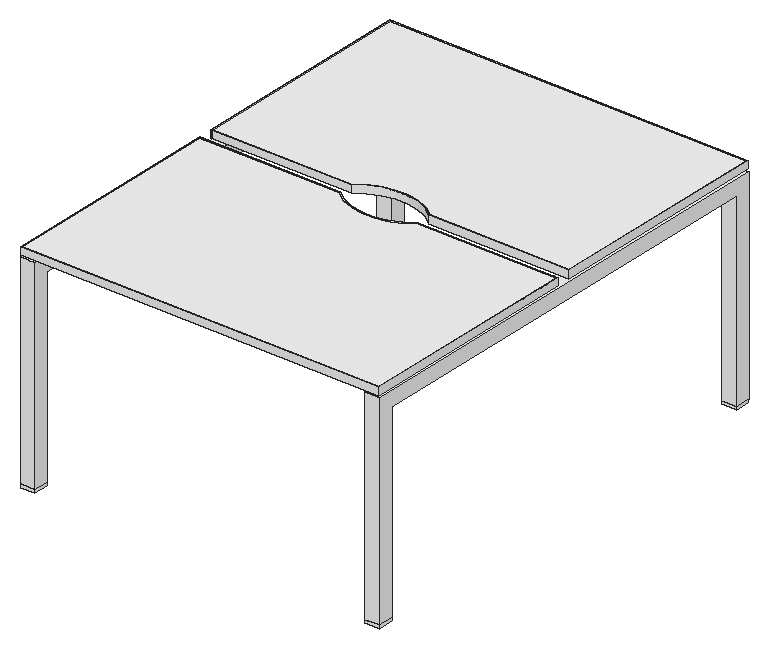
Revit family "NBS_Senator_OffcDsks_ChemistryStarterBench-US", category Furniture, Revit 2017
Family settings
  Work Plane-Based = No
  Always vertical = Yes
  Cut with Voids When Loaded = No
  Shared = No
  Room Calculation Point = No
Parameters
  WorksurfaceArea = 20.00 SF
  WorkTopWidth30Inch = 30"  # constant formula
  WorkTopWidth24Inch = 24"  # constant formula
  WarrantyStartDate [instance] = "1900-12-31T23:59:59"
  WarrantyGuarantorParts = "sales@thesenatorgroup.com"
  WarrantyGuarantorLabor = "n/a"
  WarrantyDurationUnit = "year"
  WarrantyDurationParts = "15"
  WarrantyDurationLabor = "n/a"
  WarrantyDescription = "Senator warrants that its manufactured products are free from manufacturing defects - in materials or workmanship - for a period of ten (10) years on Senator seating ranges; and fifteen (15) years on Senator desking ranges"
  Version = "1"  # constant formula
  Uniclass2015Version = "Products v1.12"
  Uniclass2015Title = "Office desks"
  Uniclass2015Code = "Pr_40_50_21_59"
  TagNumber [instance] = "n/a"
  TableTopWidth = if(Is50InchDepth, WorkTopWidth24Inch, WorkTopWidth30Inch)  # 30"
  TableTopThickness = 1"  # constant formula
  TableTopSupportRailSpacing [instance] = TableTopWidth / 2 - 3"  # 12"
  TableTopSupportRailMaterial = NBS_Concept
  TableTopOverallWidth [instance] = TableTopWidth * 2 + 1.9685"  # 61.9685"
  TableTopMaterialTapedEdge = NBS_Concept
  TableTopMaterial = NBS_Concept
  TableTopLength = 48"
  TableTopHeight = 29"
  SustainabilityPerformance = "99% recyclable"
  Style = "Desk"
  Status = "UNSET"
  Size = "29 x 48 x 62 \""
  Shape = "Rectangle"
  SerialNumber [instance] = "n/a"
  Revision = "n/a"
  ReplacementCost = "n/a"
  Reference = "n/a"
  ProductInformation = "http://www.thesenatorgroup.com/FamilyDocuments/531/Americas/2018%20Chemistry%20Desking%20Price%20Guide.pdf"
  PostMaterial = NBS_Concept
  OmniClassVersion = "Table 22 2012-05-16"
  OmniClassTitle = "Office Tables"
  OmniClassCode = "22-12 51 23"
  NominalWidth = TableTopLength  # 48"
  NominalLength = TableTopLength  # 48"
  NominalHeight = 29"
  NominalDepth = TableTopWidth * 2 + 2"  # 62"
  Name = "OfficeDesks_ChemistryStarterBench_CHB4862_Senator"
  NBSReference = "45-35-20/335"
  NBSDescription = "Office desks"
  NBSCertification = "www.nationalbimlibrary.com/cert/les1cyou"
  ModelReference = "CHB4862"
  ModelNumber = "n/a"
  Material = "Steel, mfc, nylon, polypropylene, abs"
  ManufacturerURL = "http://www.thesenatorgroup.com/americas"
  ManufacturerName = "Senator"  # constant formula
  Manufacturer = "sales@thesenatorgroup.com"  # constant formula
  MainColor = "n/a"
  IsBuiltIn = yes
  Is62InchDepth = not(Is50InchDepth)  # yes
  Is50InchDepth = no
  IntegralAccessories = "PU desk accessories, desk top accessories, CPU holders, electrical accessories"
  InstallationDate [instance] = "1900-12-31T23:59:59"
  IfcExportType = "TABLE"  # constant formula
  IfcExportAs = "IfcFurnitureType"  # constant formula
  Grade = "n/a"
  FramesSupports = "True"
  FramesSizes = 0"
  FramesColour = "White, black, silver"
  FrameWidth = 1.9685"  # constant formula
  FrameMountingMaterial = NBS_Concept
  Form = "Desk"
  Finish = "White, black, silver"
  Features = "2” square steel tube legs with seamless mitred corners, 1/4” shadow gap between top and frame, universally sized steel dual crossrails, adjustable leveling feet, scalloped cable access, 1” TFL rectangular tops or 1” TFL 120o tops, optional feature: rectangular desk end meeting tops, optional feature: desk end storage, optional feature: rectangular returns, optional feature: universal screens, optional feature: height adjustable blocks for xed desk, optional feature: modesty panels, optional feature: hinged cable trays,optional feature: single cable riser, mid leg cable riser, and double cable risers, optional accessory: PU desk accessories, optional accessory: desk top accessories, optional accessory: CPU holders, optional accessory: electrical accessories,"
  ExposedEdges = "True"
  ExpectedLife = "n/a"
  DurationUnit = "year"
  Description = "Starter Bench"
  Constituents = "n/a"
  Color = "TFL 1”: Highland oak, beech, maple, white, autumn, winter oak, strata oak, mocha, carini walnut, hacienda white, denim, clay (edge 69 Only), bordeaux, lemon sorbet, light gray, leg colors: silver, white, black, contrasting edge band available: ply effect edging or silver ply effect edging"
  CodePerformance = "BIFMA X5.5 x2014, SCS-EC10.3-2014 v. 3.0 Indoor Advantage Gold"
  Category = "Pr_40_50_21_59:Office desks"
  BarCode [instance] = "n/a"
  BIMObjectName = "NBS_Senator_OfficeDesks_ChemistryStarterBench_CHB4862"
  Author = "NBS"  # constant formula
  AssetType = "Fixed"
  AssetIdentifier [instance] = "n/a"
  AccessibilityPerformance = "n/a"
Reference planes (in)
  plane 1 "Center (Front/Back)": y = 0
  plane 2: z = 0
  plane 3 "Center (Left/Right)": x = 0
  plane 4: x = -24
  plane 5: x = 24
  plane 6 "Front": y = -30.98425
  plane 7 "Back": y = 30.98425
  plane 8 "Left": x = -24.09843
  plane 9 "Right": x = 24.09843
  plane 10: x = -22.12992
  plane 11: x = 22.12992
  plane 12 "Top": z = 29
  plane 13: z = 28
  plane 14: z = 27.72441
  plane 15: y = -30.88583
  plane 16: y = 30.88583
  plane 17: y = -28.91732
  plane 18: y = 28.91732
  plane 19: z = 25.75591
  plane 20: z = 0.3937
  plane 21: y = 19.4685
Forms (in)
  Extrusion 1, solid, material "NBS_Concept" <- "FrameMountingMaterial"
    sketch origin (0, 0, 0) x (0, 1, 0) y (0, 0, 1)
      loop
        line (30.88583, 0.3937) -> (28.91732, 0.3937) -> (28.91732, 0) -> (30.88583, 0) -> (30.88583, 0.3937)
      loop
        line (-28.91732, 0.3937) -> (-30.88583, 0.3937) -> (-30.88583, 0) -> (-28.91732, 0) -> (-28.91732, 0.3937)
    from -24.09843 to -22.12992
  Extrusion 2, solid, material "NBS_Concept" <- "FrameMountingMaterial"
    sketch origin (0, 0, 0) x (0, 1, 0) y (0, 0, 1)
      loop
        line (30.88583, 0.3937) -> (28.91732, 0.3937) -> (28.91732, 0) -> (30.88583, 0) -> (30.88583, 0.3937)
      loop
        line (-28.91732, 0.3937) -> (-30.88583, 0.3937) -> (-30.88583, 0) -> (-28.91732, 0) -> (-28.91732, 0.3937)
    from 22.12992 to 24.09843
  Extrusion 3, solid, material "NBS_Concept" <- "PostMaterial"
    sketch origin (0, 0, 0) x (0, 1, 0) y (0, 0, 1)
      loop
        line (-28.91732, 25.75591) -> (28.91732, 25.75591) -> (28.91732, 0.3937) -> (30.88583, 0.3937) -> (30.88583, 27.72441) -> (-30.88583, 27.72441) -> (-30.88583, 0.3937) -> (-28.91732, 0.3937) -> (-28.91732, 25.75591)
    from -24.09843 to -22.12992
  Extrusion 4, solid, material "NBS_Concept" <- "PostMaterial"
    sketch origin (0, 0, 0) x (0, 1, 0) y (0, 0, 1)
      loop
        line (30.88583, 27.72441) -> (-30.88583, 27.72441) -> (-30.88583, 0.3937) -> (-28.91732, 0.3937) -> (-28.91732, 25.75591) -> (28.91732, 25.75591) -> (28.91732, 0.3937) -> (30.88583, 0.3937) -> (30.88583, 27.72441)
    from 22.12992 to 24.09843
Dimensions and locks (in)
  equal spacing: plane 7 "Back", plane 1 "Center (Front/Back)", plane 6 "Front"
  "TableTopOverallWidth": plane 7 "Back" to plane 6 "Front"
  equal spacing: plane 4, plane 3 "Center (Left/Right)", plane 5
  "TableTopLength": plane 4 to plane 5
  plane 5 to plane 9 "Right" = 0.09843"
  locked: plane 8 "Left" to plane 4 at 0.09843
  "FrameWidth": plane 11 to plane 9 "Right"
  "FrameWidth": plane 8 "Left" to plane 10
  "TableTopHeight": plane 12 "Top" to plane 2
  "TableTopThickness": plane 12 "Top" to plane 13
  locked: plane 13 to plane 14 at 0.27559
  locked: plane 7 "Back" to plane 16 at 0.09843
  locked: plane 15 to plane 6 "Front" at 0.09843
  "FrameWidth": plane 14 to plane 19
  "FrameWidth": plane 16 to plane 18
  "FrameWidth": plane 17 to plane 15
  locked: plane 20 to plane 2 at 0.3937
  plane 21 to plane 16 = 11.41732"
  aligned and locked: level to plane 2
  aligned and locked: plane 20 to Extrusion 1 sketch curve
  aligned and locked: plane 16 to Extrusion 1 sketch curve
  aligned and locked: plane 2 to Extrusion 1 sketch curve
  aligned and locked: plane 18 to Extrusion 1 sketch curve
  aligned and locked: plane 17 to Extrusion 1 sketch curve
  aligned and locked: plane 15 to Extrusion 1 sketch curve
  aligned and locked: plane 10 to Extrusion 1
  aligned and locked: Extrusion 1 to plane 8 "Left"
  aligned and locked: plane 20 to Extrusion 2 sketch curve
  aligned and locked: plane 2 to Extrusion 2 sketch curve
  aligned and locked: plane 16 to Extrusion 2 sketch curve
  aligned and locked: plane 18 to Extrusion 2 sketch curve
  aligned and locked: plane 17 to Extrusion 2 sketch curve
  aligned and locked: plane 15 to Extrusion 2 sketch curve
  aligned and locked: Extrusion 2 to plane 11
  aligned and locked: plane 17 to Extrusion 3 sketch curve
  aligned and locked: plane 20 to Extrusion 3 sketch curve
  aligned and locked: Extrusion 3 sketch curve to plane 15
  aligned and locked: plane 14 to Extrusion 3 sketch curve
  aligned and locked: plane 19 to Extrusion 3 sketch curve
  aligned and locked: plane 18 to Extrusion 3 sketch curve
  aligned and locked: Extrusion 3 sketch curve to plane 16
  aligned and locked: Extrusion 3 to plane 8 "Left"
  aligned and locked: plane 10 to Extrusion 3
  aligned and locked: Extrusion 4 sketch curve to plane 16
  aligned and locked: plane 18 to Extrusion 4 sketch curve
  aligned and locked: plane 14 to Extrusion 4 sketch curve
  aligned and locked: plane 20 to Extrusion 4 sketch curve
  aligned and locked: plane 17 to Extrusion 4 sketch curve
  aligned and locked: Extrusion 4 sketch curve to plane 15
  aligned and locked: plane 19 to Extrusion 4 sketch curve
  aligned and locked: plane 9 "Right" to Extrusion 4
  aligned and locked: Extrusion 4 to plane 11
  aligned and locked: plane 3 "Center (Left/Right)" to nested 1
  aligned and locked: nested 1 to plane 6 "Front"
  aligned and locked: plane 12 "Top" to nested 1
  aligned and locked: nested 2 to plane 3 "Center (Left/Right)"
  aligned and locked: plane 7 "Back" to nested 2
  aligned and locked: plane 12 "Top" to nested 2
  aligned and locked: plane 9 "Right" to Extrusion 2
Automatic sketch dimensions
  Extrusion 1 sketch curve to plane 20 = 0"
  Extrusion 1 sketch curve to level = 0"
  Extrusion 2 sketch curve to plane 20 = 0"
  Extrusion 2 sketch curve to level = 0"
  Extrusion 3 sketch curve to plane 20 = 0"
  Extrusion 4 sketch curve to plane 20 = 0"
Nested families (in)
  nested 1: "NBS_Senator_OffcTbls_Chemistry_RectangleTFL" at (0, -15.98425, 0), TableTopWidth <- "TableTopWidth", TableTopSupportRailSpacing <- "TableTopSupportRailSpacing", type "RectangleTFL"
    with TableTopWidth 30", TableTopSupportRailSpacing 12", TableTopHeight 29"
  nested 2: "NBS_Senator_OffcTbls_Chemistry_RectangleTFL" at (0, 15.98425, 0) x (-1, 0, 0) z (0, 0, 1), TableTopWidth <- "TableTopWidth", TableTopSupportRailSpacing <- "TableTopSupportRailSpacing", type "RectangleTFL"
    with TableTopWidth 30", TableTopSupportRailSpacing 12", TableTopHeight 29"
Definition of nested family "NBS_Senator_OffcTbls_Chemistry_RectangleTFL"
  Parameters (values of type "RectangleTFL")
    TableTopThickness = 1"
    TableTopSupportRailSpacing [instance] = 12.20472"
    TableTopSupportRailOffset = 1.88976"  # constant formula
    TableTopSupportRailMaterial = none
    TableTopMaterialTapedEdge = none
    TableTopMaterial = none
    TableTopMFCOffset = 0.07874"  # constant formula
    TableTopLength = 48"
    TableTopHeight = 28.74016"
    TableTopWidth [instance] = 30"
    CableAccessRadiusMFCOffset = CableAccessRadius + TableTopMFCOffset  # 7.95276"
    CableAccessRadius = 7.87402"  # constant formula
  Reference planes (in)
    plane 1 "Center (Front/Back)": y = 0
    plane 2: z = 0
    plane 3 "Center (Left/Right)": x = 0
    plane 4 "Bottom": z = 27.74016
    plane 5 "Top": z = 28.74016
    plane 6 "Worktop_Back": y = 15
    plane 7 "Worktop_Right": x = 24
    plane 8 "Worktop_Front": y = -15
    plane 9 "Worktop_Left": x = -24
    plane 10: y = 14.92126
    plane 11: y = -14.92126
    plane 12: x = -23.92126
    plane 13: x = 23.92126
    plane 14: z = 26.16535
    plane 15: y = 5.35433
    plane 16: y = -6.85039
    plane 17: y = 6.92913
    plane 18: y = -8.4252
    plane 19: x = 22.11024
    plane 20: x = -22.11024
    plane 21: x = -11.00787
    plane 22: x = 11.00787
    plane 23: x = -5.19685
    plane 24: x = 5.19685
    plane 25: y = 13.0315
    plane 26: y = 12.95276
    plane 27: y = 20.90551
    plane 28: x = -9.19685
    plane 29: x = 9.19685
    plane 30: y = 12.83465
    plane 31: z = 26.24409
    plane 32: z = 27.11024
    plane 33: x = -20.29921
    plane 34: x = 20.29921
    plane 35: z = 26.6378
    plane 36: x = -23.09449
    plane 37: z = 27.46457
    plane 38: x = 23.09449
  Forms (in)
    Extrusion 1, solid, material <- "TableTopMaterialTapedEdge", detail levels medium+fine
      sketch origin (-42.11362, -60, 27.74016) x (-1, 0, 0) y (0, -1, 0)
        loop
          line (-66.03488, -45.07874) -> (-66.03488, -74.92126) -> (-47.35146, -74.92126)
          arc (-47.35146, -74.92126) -> (-42.11362, -72.95276) -> (-36.87577, -74.92126) r 7.95276
          line (-36.87577, -74.92126) -> (-18.19236, -74.92126) -> (-18.19236, -45.07874) -> (-66.03488, -45.07874)
        loop
          line (-66.11362, -45) -> (-66.11362, -75) -> (-47.32179, -75)
          arc (-47.32179, -75) -> (-42.11362, -73.0315) -> (-36.90544, -75) r 7.87402
          line (-36.90544, -75) -> (-18.11362, -75) -> (-18.11362, -45) -> (-66.11362, -45)
      from 0 to 1
    Extrusion 2, solid, material <- "TableTopMaterial", detail levels medium+fine
      sketch origin (-42.11362, -60, 27.74016) x (-1, 0, 0) y (0, -1, 0)
        loop
          line (-18.19236, -74.92126) -> (-18.19236, -45.07874) -> (-66.03488, -45.07874) -> (-66.03488, -74.92126) -> (-47.35146, -74.92126)
          arc (-47.35146, -74.92126) -> (-42.11362, -72.95276) -> (-36.87577, -74.92126) r 7.95276
          line (-36.87577, -74.92126) -> (-18.19236, -74.92126)
      from 0 to 1 <- "TableTopThickness"
    Extrusion 3, solid, material <- "TableTopMaterial", detail levels coarse
      sketch origin (-42.11362, -60, 27.74016) x (-1, 0, 0) y (0, -1, 0)
        loop
          line (-18.11362, -75) -> (-18.11362, -45) -> (-66.11362, -45) -> (-66.11362, -75) -> (-18.11362, -75)
      from 0 to 1
    Extrusion 4, solid, material <- "TableTopSupportRailMaterial"
      sketch origin (0, 0, 0) x (0, 1, 0) y (0, 0, 1)
        loop
          line (6.92913, 26.16535) -> (6.92913, 27.74016) -> (5.35433, 27.74016) -> (5.35433, 26.16535) -> (6.92913, 26.16535)
        loop
          line (-6.85039, 27.74016) -> (-8.4252, 27.74016) -> (-8.4252, 26.16535) -> (-6.85039, 26.16535) -> (-6.85039, 27.74016)
      from -22.11024 to 22.11024
    Extrusion 5, solid, material <- "TableTopSupportRailMaterial", detail levels coarse
      sketch origin (0, 0, 28.74016) x (-1, 0, 0) y (0, -1, 0)
        loop
          line (23.09449, -6.92913) -> (23.09449, -5.35433) -> (22.11024, -5.35433) -> (22.11024, -6.92913) -> (23.09449, -6.92913)
        loop
          line (22.11024, 6.85039) -> (23.09449, 6.85039) -> (23.09449, 8.4252) -> (22.11024, 8.4252) -> (22.11024, 6.85039)
      from -1.27559 to -1
    Extrusion 6, solid, material <- "TableTopSupportRailMaterial", detail levels coarse
      sketch origin (0, 0, 28.74016) x (-1, 0, 0) y (0, -1, 0)
        loop
          line (-23.09449, -6.92913) -> (-22.11024, -6.92913) -> (-22.11024, -5.35433) -> (-23.09449, -5.35433) -> (-23.09449, -6.92913)
        loop
          line (-23.09449, 6.85039) -> (-22.11024, 6.85039) -> (-22.11024, 8.4252) -> (-23.09449, 8.4252) -> (-23.09449, 6.85039)
      from -1.27559 to -1
  Dimensions and locks (in)
    "TableTopHeight": plane 5 "Top" to level
    "TableTopThickness": plane 5 "Top" to plane 4 "Bottom"
    equal spacing: plane 8 "Worktop_Front", plane 1 "Center (Front/Back)", plane 6 "Worktop_Back"
    "TableTopWidth": plane 8 "Worktop_Front" to plane 6 "Worktop_Back"
    equal spacing: plane 9 "Worktop_Left", plane 3 "Center (Left/Right)", plane 7 "Worktop_Right"
    "TableTopLength": plane 9 "Worktop_Left" to plane 7 "Worktop_Right"
    "TableTopMFCOffset": plane 8 "Worktop_Front" to plane 11
    "TableTopMFCOffset": plane 6 "Worktop_Back" to plane 10
    "TableTopMFCOffset": plane 9 "Worktop_Left" to plane 12
    "TableTopMFCOffset": plane 13 to plane 7 "Worktop_Right"
    "TableTopSupportRailSpacing": plane 15 to plane 16
    locked: plane 17 to plane 15 at 1.5748
    locked: plane 16 to plane 18 at 1.5748
    "TableTopSupportRailOffset": plane 9 "Worktop_Left" to plane 20
    "TableTopSupportRailOffset": plane 19 to plane 7 "Worktop_Right"
    locked: plane 9 "Worktop_Left" to plane 21 at 12.99213
    locked: plane 22 to plane 7 "Worktop_Right" at 12.99213
    equal spacing: plane 23, plane 3 "Center (Left/Right)", plane 24
    locked: plane 23 to plane 24 at 10.3937
    locked: plane 6 "Worktop_Back" to plane 25 at 1.9685
    "TableTopMFCOffset": plane 25 to plane 26
    locked: plane 27 to plane 25 at 7.87402
    locked: plane 4 "Bottom" to plane 14 at 1.5748
    locked: plane 21 to plane 28 at 1.81102
    locked: plane 29 to plane 22 at 1.81102
    locked: plane 6 "Worktop_Back" to plane 30 at 2.16535
    locked: plane 4 "Bottom" to plane 31 at 1.49606
    locked: plane 4 "Bottom" to plane 32 at 0.62992
    locked: plane 34 to plane 7 "Worktop_Right" at 3.70079
    locked: plane 9 "Worktop_Left" to plane 33 at 3.70079
    locked: plane 4 "Bottom" to plane 35 at 1.10236
    locked: plane 6 "Worktop_Back" to plane 17 at 8.07087
    locked: plane 20 to plane 36 at 0.98425
    locked: plane 4 "Bottom" to plane 37 at 0.27559
    locked: plane 38 to plane 19 at 0.98425
    "CableAccessRadiusMFCOffset": radius of Extrusion 2 sketch curve
    "CableAccessRadius": radius of Extrusion 1 sketch curve
    "CableAccessRadiusMFCOffset": radius of Extrusion 1 sketch curve
    aligned and locked: level to plane 2
    aligned and locked: Extrusion 1 to plane 4 "Bottom"
    aligned and locked: Extrusion 1 to Extrusion 2  (x2)
    aligned and locked: Extrusion 2 to plane 4 "Bottom"
    aligned and locked: Extrusion 1 to Extrusion 3  (x2)
    aligned and locked: Extrusion 2 sketch curve to plane 10
    aligned and locked: Extrusion 2 sketch curve to plane 12
    aligned and locked: Extrusion 2 sketch curve to plane 11
    aligned and locked: Extrusion 2 sketch curve to plane 13
    aligned and locked: Extrusion 1 sketch curve to plane 11
    aligned and locked: Extrusion 1 sketch curve to plane 8 "Worktop_Front"
    aligned and locked: Extrusion 1 sketch curve to plane 7 "Worktop_Right"
    aligned and locked: Extrusion 1 sketch curve to plane 13
    aligned and locked: Extrusion 1 sketch curve to plane 12
    aligned and locked: Extrusion 1 sketch curve to plane 9 "Worktop_Left"
    aligned and locked: Extrusion 1 sketch curve to plane 6 "Worktop_Back"
    aligned and locked: Extrusion 1 sketch curve to plane 10
    aligned and locked: Extrusion 3 sketch curve to plane 6 "Worktop_Back"
    aligned and locked: Extrusion 3 sketch curve to plane 7 "Worktop_Right"
    aligned and locked: Extrusion 3 sketch curve to plane 9 "Worktop_Left"
    aligned and locked: Extrusion 3 sketch curve to plane 8 "Worktop_Front"
    aligned and locked: plane 14 to Extrusion 4 sketch curve
    aligned and locked: plane 15 to Extrusion 4 sketch curve
    aligned and locked: plane 17 to Extrusion 4 sketch curve
    aligned and locked: plane 16 to Extrusion 4 sketch curve
    aligned and locked: plane 18 to Extrusion 4 sketch curve
    aligned and locked: plane 4 "Bottom" to Extrusion 4 sketch curve
    aligned and locked: Extrusion 4 to plane 20
    aligned and locked: plane 19 to Extrusion 4
    aligned and locked: plane 27 to Extrusion 2 sketch curve
    aligned and locked: plane 3 "Center (Left/Right)" to Extrusion 2 sketch curve
    aligned and locked: plane 27 to Extrusion 1 sketch curve  (x2)
    aligned and locked: plane 3 "Center (Left/Right)" to Extrusion 1 sketch curve  (x2)
    aligned and locked: Extrusion 5 sketch curve to plane 36
    aligned and locked: Extrusion 5 sketch curve to plane 20
    aligned and locked: Extrusion 5 sketch curve to plane 17
    aligned and locked: Extrusion 5 sketch curve to plane 15
    aligned and locked: Extrusion 5 sketch curve to plane 16
    aligned and locked: Extrusion 5 sketch curve to plane 18
    aligned and locked: plane 37 to Extrusion 5
    aligned and locked: plane 4 "Bottom" to Extrusion 5
    aligned and locked: Extrusion 6 sketch curve to plane 17
    aligned and locked: Extrusion 6 sketch curve to plane 15
    aligned and locked: Extrusion 6 sketch curve to plane 19
    aligned and locked: Extrusion 6 sketch curve to plane 38
    aligned and locked: Extrusion 6 sketch curve to plane 16
    aligned and locked: Extrusion 6 sketch curve to plane 18
    aligned and locked: plane 37 to Extrusion 6
    aligned and locked: plane 4 "Bottom" to Extrusion 6
  Automatic sketch dimensions
    Extrusion 4 sketch curve to plane 4 "Bottom" = 0"
    Extrusion 4 sketch curve to plane 14 = 0"
    Extrusion 5 sketch curve to Extrusion 5 sketch curve = 0"  (x2)
    Extrusion 6 sketch curve to Extrusion 6 sketch curve = 0"
    Extrusion 6 sketch curve to plane 19 = 0"
    Extrusion 1 sketch curve to plane 10 = 0"  (x2)
    Extrusion 1 sketch curve to plane 6 "Worktop_Back" = 0"  (x2)
    Extrusion 2 sketch curve to plane 10 = 0"  (x2)
Types in the file's own list only (11): name | WorkTopWidth30Inch | WorkTopWidth24Inch | TableTopWidth | TableTopThickness | TableTopLength | TableTopHeight | Size | NominalWidth | NominalLength | NominalHeight | NominalDepth | Name | ModelReference | Is62InchDepth | Is50InchDepth | FramesSizes | FrameWidth | BIMObjectName
  CHB5462 | 30 " | 24 " | 30 " | 1 " | 54 " | 29 " | "29 x 54 x 62 \"" | 54 " | 54 " | 29 " | 62 " | "OfficeDesks_ChemistryStarterBench_CHB5462_Senator" | "CHB5462" | Yes | No | 0 " | 2 " | "NBS_Senator_OfficeDesks_ChemistryStarterBench_CHB5462"
  CHB6062 | 30 " | 24 " | 30 " | 1 " | 60 " | 29 " | "29 x 60 x 62 \"" | 60 " | 60 " | 29 " | 62 " | "OfficeDesks_ChemistryStarterBench_CHB6062_Senator" | "CHB6062" | Yes | No | 0 " | 2 " | "NBS_Senator_OfficeDesks_ChemistryStarterBench_CHB6062"
  CHB6662 | 30 " | 24 " | 30 " | 1 " | 66 " | 29 " | "29 x 66 x 62 \"" | 66 " | 66 " | 29 " | 62 " | "OfficeDesks_ChemistryStarterBench_CHB6662_Senator" | "CHB6662" | Yes | No | 0 " | 2 " | "NBS_Senator_OfficeDesks_ChemistryStarterBench_CHB6662"
  CHB7262 | 30 " | 24 " | 30 " | 1 " | 72 " | 29 " | "29 x 72 x 62 \"" | 72 " | 72 " | 29 " | 62 " | "OfficeDesks_ChemistryStarterBench_CHB7262_Senator" | "CHB7262" | Yes | No | 0 " | 2 " | "NBS_Senator_OfficeDesks_ChemistryStarterBench_CHB7262"
  CHB7862 | 30 " | 24 " | 30 " | 1 " | 78 " | 29 " | "29 x 78 x 62 \"" | 78 " | 78 " | 29 " | 62 " | "OfficeDesks_ChemistryStarterBench_CHB7862_Senator" | "CHB7862" | Yes | No | 0 " | 2 " | "NBS_Senator_OfficeDesks_ChemistryStarterBench_CHB7862"
  CHB4850 | 30 " | 24 " | 24 " | 1 " | 48 " | 29 " | "29 x 48 x 50 \"" | 48 " | 48 " | 29 " | 50 " | "OfficeDesks_ChemistryStarterBench_CHB4850_Senator" | "CHB4850" | No | Yes | 0 " | 2 " | "NBS_Senator_OfficeDesks_ChemistryStarterBench_CHB4850"
  CHB5450 | 30 " | 24 " | 24 " | 1 " | 54 " | 29 " | "29 x 54 x 50 \"" | 54 " | 54 " | 29 " | 50 " | "OfficeDesks_ChemistryStarterBench_CHB5450_Senator" | "CHB5450" | No | Yes | 0 " | 2 " | "NBS_Senator_OfficeDesks_ChemistryStarterBench_CHB5450"
  CHB6050 | 30 " | 24 " | 24 " | 1 " | 60 " | 29 " | "29 x 60 x 50 \"" | 60 " | 60 " | 29 " | 50 " | "OfficeDesks_ChemistryStarterBench_CHB6050_Senator" | "CHB6050" | No | Yes | 0 " | 2 " | "NBS_Senator_OfficeDesks_ChemistryStarterBench_CHB6050"
  CHB6650 | 30 " | 24 " | 24 " | 1 " | 66 " | 29 " | "29 x 66 x 50 \"" | 66 " | 66 " | 29 " | 50 " | "OfficeDesks_ChemistryStarterBench_CHB6650_Senator" | "CHB6650" | No | Yes | 0 " | 2 " | "NBS_Senator_OfficeDesks_ChemistryStarterBench_CHB6650"
  CHB7250 | 30 " | 24 " | 24 " | 1 " | 72 " | 29 " | "29 x 72 x 50 \"" | 72 " | 72 " | 29 " | 50 " | "OfficeDesks_ChemistryStarterBench_CHB7250_Senator" | "CHB7250" | No | Yes | 0 " | 2 " | "NBS_Senator_OfficeDesks_ChemistryStarterBench_CHB7250"
  CHB7850 | 30 " | 24 " | 24 " | 1 " | 78 " | 29 " | "29 x 78 x 50 \"" | 78 " | 78 " | 29 " | 50 " | "OfficeDesks_ChemistryStarterBench_CHB7850_Senator" | "CHB7850" | No | Yes | 0 " | 2 " | "NBS_Senator_OfficeDesks_ChemistryStarterBench_CHB7850"
